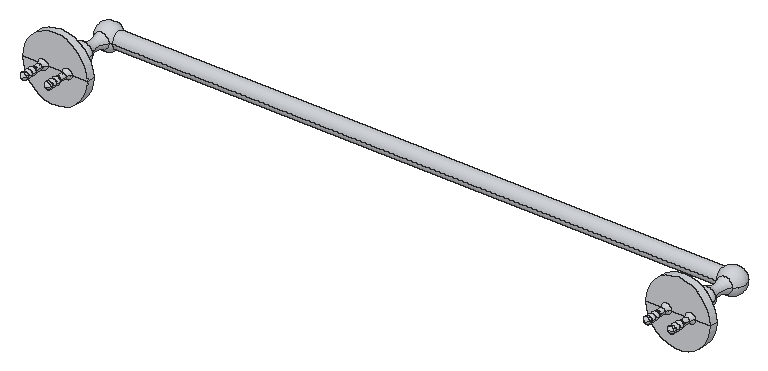
Revit family "S-1404", category Generic Models, host Wall, Revit 2023
Family settings
  Host = Wall
  Can host rebar = No
  Round Connector Dimension = Use Diameter
  Part Type = Normal
  Always vertical = Yes
  Cut with Voids When Loaded = No
  Maintain Annotation Orientation = No
  Shared = No
  Room Calculation Point = No
Parameters
  Default Elevation = 0' - 0"
Reference planes (in)
  plane 1: y = 0
  plane 2 "Center (Left/Right)": x = 0
  plane 3 "Wall Edge": y = 3
  plane 4: x = -12
  plane 5: x = 12
  plane 6: x = 11.535
  plane 7: x = 12.465
  plane 8: y = 6.08
  plane 9: y = 1.94
Text (in)
  text "Placement Side" at (0, 40.15149, 123.01588), in view "Left"
Dimensions and locks (in)
  locked: plane 3 "Wall Edge" to host wall
  plane 4 to plane 5 = 2' - 0"
  nested 1 to nested 1 = 2' - 2.49"  (x2)
  nested 1 to nested 1 = 0' - 2.49"  (x2)
  plane 6 to plane 7 = 0' - 0.93"
  plane 5 to plane 4 = 2' - 0"
  plane 8 to plane 3 "Wall Edge" to plane 9 = 0' - 3.08", 0' - 1.06"
Nested families (in)
  nested 1: "Towel Bar" at (0, 3, 0) x (0, 0, 1) z (0, 1, 0), type "Towel Bar"
Definition of nested family "Towel Bar"
  Parameters (values of type "Towel Bar")
    Material = none
    Default Elevation = 4' - 0"
  Reference planes (in)
    plane 1 "Center (Front/Back)": y = 0
    plane 2: z = 0
    plane 3 "Center (Left/Right)": x = 0
  Forms (in)
    Extrusion 1, solid
      sketch origin (0, 0, 0) x (1, 0, 0) y (0, 1, 0)
        loop
          line (-48, 48) -> (-48, -48) -> (48, -48) -> (48, 48) -> (-48, 48)
      from 0 to -12
    Revolve 2, solid, material <- "Material"
      sketch origin (0, 0, 0) x (0, 1, 0) y (0, 0, 1)
        loop
          line (12, 3.08) -> (12, 0) -> (13.245, 0) -> (13.245, 0.28852) -> (13.02839, 0.28852)
          arc (13.02839, 0.28852) -> (12.95746, 0.39959) -> (12.83297, 0.44281) r 0.2009
          line (12.83297, 0.44281) -> (12.64525, 0.44281)
          arc (12.64525, 0.44281) -> (12.59187, 0.54858) -> (12.48131, 0.59118) r 0.16476
          line (12.48131, 0.59118) -> (12.40072, 0.59118)
          arc (12.40072, 0.59118) -> (12.31307, 0.8547) -> (12.35254, 1.12959) r 0.60428
          arc (12.35254, 1.12959) -> (12.37353, 1.24038) -> (12.35254, 1.35117) r 0.30288
          arc (12.35254, 1.35117) -> (12.18202, 1.77713) -> (12.2864, 2.22392) r 0.76361
          arc (12.2864, 2.22392) -> (12.45136, 2.75505) -> (12, 3.08) r 0.47595
        axis (12, 0) -> (12, 3.08)
      angle from 0 to 360
    Revolve 3, solid, material <- "Material"
      sketch origin (0, 0, 0) x (0, -1, 0) y (0, 0, -1)
        loop
          arc (12, -3.08) -> (12.45136, -2.75505) -> (12.2864, -2.22392) r 0.47595
          arc (12.2864, -2.22392) -> (12.18202, -1.77713) -> (12.35254, -1.35117) r 0.76361
          arc (12.35254, -1.35117) -> (12.37353, -1.24038) -> (12.35254, -1.12959) r 0.30288
          arc (12.35254, -1.12959) -> (12.31307, -0.8547) -> (12.40072, -0.59118) r 0.60428
          line (12.40072, -0.59118) -> (12.48131, -0.59118)
          arc (12.48131, -0.59118) -> (12.59187, -0.54858) -> (12.64525, -0.44281) r 0.16476
          line (12.64525, -0.44281) -> (12.83297, -0.44281)
          arc (12.83297, -0.44281) -> (12.95746, -0.39959) -> (13.02839, -0.28852) r 0.2009
          line (13.02839, -0.28852) -> (13.245, -0.28852) -> (13.245, 0) -> (12, 0) -> (12, -3.08)
        axis (12, 0) -> (12, -3.08)
      angle from 0 to 360
    Sweep 4, solid, material <- "Material"
      path origin (0, 0, 0) x (0, 1, 0) y (0, 0, 1)
        loop
          line (-12, 2.60405) -> (12, 2.60405)
      profile origin (0, 0, 2.60405) x (0, 0, 1) y (1, 0, 0)
        loop
          circle (0, 0) r 0.3125
    Revolve 5, solid, material <- "Material"
      sketch origin (0, -18.95144, 0) x (0, 1, 0) y (0, 0, 1)
        loop
          line (6.48644, 0) -> (6.48644, -1.0556) -> (6.60821, -0.94205)
          arc (6.60821, -0.94205) -> (6.61265, -0.87718) -> (6.5571, -0.8434) r 0.06257
          line (6.5571, -0.8434) -> (6.5571, -0.78817)
          arc (6.5571, -0.78817) -> (6.61966, -0.7256) -> (6.5571, -0.66303) r 0.06257
          line (6.5571, -0.66303) -> (6.5571, -0.6078)
          arc (6.5571, -0.6078) -> (6.61966, -0.54523) -> (6.5571, -0.48267) r 0.06257
          line (6.5571, -0.48267) -> (6.5571, -0.40579) -> (6.59014, -0.40579) -> (6.59014, -0.20104)
          arc (6.59014, -0.20104) -> (6.61122, -0.09262) -> (6.67137, 0) r 0.28941
          line (6.67137, 0) -> (6.48644, 0)
        axis (6.48644, 0) -> (6.48644, -1.0556)
      angle from 0 to 360
    Revolve 6, solid, material <- "Material"
      sketch origin (0, -5.04856, 0) x (0, -1, 0) y (0, 0, -1)
        loop
          line (6.48644, 0) -> (6.67137, 0)
          arc (6.67137, 0) -> (6.61122, 0.09262) -> (6.59014, 0.20104) r 0.28941
          line (6.59014, 0.20104) -> (6.59014, 0.40579) -> (6.5571, 0.40579) -> (6.5571, 0.48267)
          arc (6.5571, 0.48267) -> (6.61966, 0.54523) -> (6.5571, 0.6078) r 0.06257
          line (6.5571, 0.6078) -> (6.5571, 0.66303)
          arc (6.5571, 0.66303) -> (6.61966, 0.7256) -> (6.5571, 0.78817) r 0.06257
          line (6.5571, 0.78817) -> (6.5571, 0.8434)
          arc (6.5571, 0.8434) -> (6.61265, 0.87718) -> (6.60821, 0.94205) r 0.06257
          line (6.60821, 0.94205) -> (6.48644, 1.0556) -> (6.48644, 0)
        axis (6.48644, 0) -> (6.48644, 1.0556)
      angle from 0 to 360
    Revolve 7, solid, material <- "Material"
      sketch origin (0, 5.04856, 0) x (0, 1, 0) y (0, 0, 1)
        loop
          line (6.48644, 0) -> (6.48644, -1.0556) -> (6.60821, -0.94205)
          arc (6.60821, -0.94205) -> (6.61265, -0.87718) -> (6.5571, -0.8434) r 0.06257
          line (6.5571, -0.8434) -> (6.5571, -0.78817)
          arc (6.5571, -0.78817) -> (6.61966, -0.7256) -> (6.5571, -0.66303) r 0.06257
          line (6.5571, -0.66303) -> (6.5571, -0.6078)
          arc (6.5571, -0.6078) -> (6.61966, -0.54523) -> (6.5571, -0.48267) r 0.06257
          line (6.5571, -0.48267) -> (6.5571, -0.40579) -> (6.59014, -0.40579) -> (6.59014, -0.20104)
          arc (6.59014, -0.20104) -> (6.61122, -0.09262) -> (6.67137, 0) r 0.28941
          line (6.67137, 0) -> (6.48644, 0)
        axis (6.48644, 0) -> (6.48644, -1.0556)
      angle from 0 to 360
    Revolve 8, solid, material <- "Material"
      sketch origin (0, 18.95144, 0) x (0, -1, 0) y (0, 0, -1)
        loop
          line (6.48644, 0) -> (6.67137, 0)
          arc (6.67137, 0) -> (6.61122, 0.09262) -> (6.59014, 0.20104) r 0.28941
          line (6.59014, 0.20104) -> (6.59014, 0.40579) -> (6.5571, 0.40579) -> (6.5571, 0.48267)
          arc (6.5571, 0.48267) -> (6.61966, 0.54523) -> (6.5571, 0.6078) r 0.06257
          line (6.5571, 0.6078) -> (6.5571, 0.66303)
          arc (6.5571, 0.66303) -> (6.61966, 0.7256) -> (6.5571, 0.78817) r 0.06257
          line (6.5571, 0.78817) -> (6.5571, 0.8434)
          arc (6.5571, 0.8434) -> (6.61265, 0.87718) -> (6.60821, 0.94205) r 0.06257
          line (6.60821, 0.94205) -> (6.48644, 1.0556) -> (6.48644, 0)
        axis (6.48644, 0) -> (6.48644, 1.0556)
      angle from 0 to 360
  Cuts and joins
    joined: Revolve 2, Revolve 3, Sweep 4
  Dimensions and locks (in)
    aligned and locked: Extrusion 1 to plane 2
    aligned and locked: level to Extrusion 1
